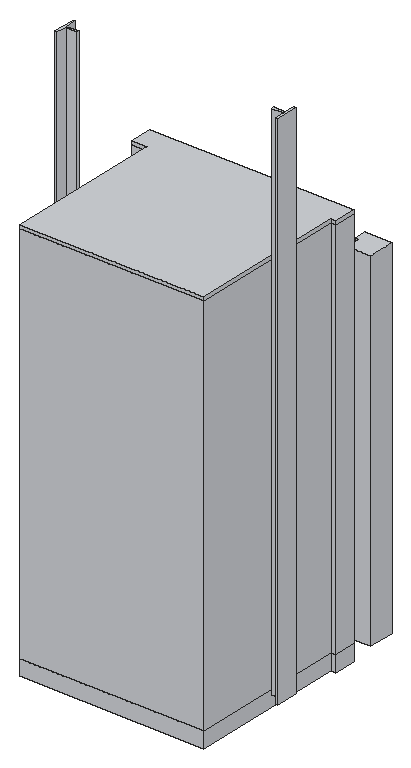
Revit family "M_Ascensor elétrico-Com base na parede para 4 pessoas", category Equipamento especial, Revit 2019
Family settings
  Hospedeiro = Parede
  Cota do conector redondo = Utilizar diâmetro
  Tipo de parte = Normal
  Número OmniClass = 23.50.05.14
  Título OmniClass = Lifts
  ID de item do Seek = Electric Lift-4 person wall based-0000-CAN-ENU
  Sempre na vertical = Sim
  Corte com vazios quando carregada = Não
  Compartilhado = Não
  Ponto de cálculo do ambiente = Não
Parameters (values of type "1000 x 880mm")
  Fabricante = "Revit"
  Material da porta = none
  Código de montagem = "D1010310"
Types (2, lengths in mm): name | Fabricante | Código de montagem
  Tipo 1 | 0 | 0
  1000 x 880mm | "Revit" | "D1010310"
Reference planes
  plane 1: y = 0
  plane 2 "Centro (Esquerda/Direita)": x = 125
  plane 3 "Parte posterior": y = 75
  plane 4: x = -505.007
  plane 5: x = 750
  plane 6: x = 600
Forms (mm)
  Extrusion 1, solid
    sketch origin (0, 0, 0) x (1, 0, 0) y (0, 1, 0)
      loop
        line (-505.007, 75) -> (-505.007, 14.479) -> (-114.979, 14.479) -> (-114.979, 75) -> (-505.007, 75)
      loop
        line (600, 75) -> (600, 5) -> (621.17, 5) -> (621.17, -75) -> (750, -75) -> (750, 75) -> (600, 75)
    from 0 to 2000
Lines and regions (mm)
  Opening 1
    outline origin (-5000, -75, 0) x (1, 0, 0) y (0, 0, 1)
      loop
        line (5750, 0) -> (5750, 2000) -> (4494.993, 2000) -> (4494.993, 0) -> (5750, 0)
  symbolic lines, detail levels medium+fine
    curve 1: line (-114.979, 75, 0) -> (600, 75, 0)
    curve 2: line (750, 75, 0) -> (600, 75, 0)
    curve 3: line (600, 5, 0) -> (621.17, 5, 0)
    curve 4: line (621.17, 5, 0) -> (621.17, -75, 0)
    curve 5: line (621.17, -75, 0) -> (750, -75, 0)
    curve 6: line (-505.007, 75, 0) -> (-114.979, 75, 0)
    curve 7: line (-114.979, 14.479, 0) -> (-135.755, 14.479, 0)
    curve 8: line (-135.755, 14.479, 0) -> (-135.755, 29.982, 0)
    curve 9: line (-135.755, 29.982, 0) -> (-505.007, 29.982, 0)
    curve 10: line (-114.979, 14.479, 0) -> (-114.979, 75, 0)
    curve 11: line (600, 5, 0) -> (600, 75, 0)
  symbolic lines, detail levels coarse
    curve 12: line (-505.007, 75, 0) -> (750, 75, 0)
Text (mm)
  text "Lado da colocação" at (-1864.261, 916.262, 0), in view "Nível de referência"
  text "Lado da colocação" at (0, 1605.175, 2923.955), in view "Esquerda"
  text "Lado da colocação" at (0, 595.982, 3004.978), in view "Direita"
Dimensions and locks
  locked: plane 3 "Parte posterior" to host wall at 0
  locked: nested 1 to curve 3 at 80
  locked: curve 7 to nested 1 at 89.479
  aligned and locked: plane 1 to host wall
  aligned and locked: Extrusion 1 to host wall
  aligned and locked: plane 3 "Parte posterior" to curve 1
  aligned and locked: Extrusion 1 to plane 3 "Parte posterior"  (x2)
  aligned: curve 12 to host wall
  aligned: curve 12 to Extrusion 1
Nested families
  nested 1: "Ascensor elétrico-4 pessoas_novo" at (125, -687.502, 0) x (-1, 0, 0) z (0, 0, 1), type "1000 x 880mm"
Definition of nested family "Ascensor elétrico-4 pessoas_novo"
  Parameters
    Largura do painel = 386 mm
    Altura do nível = 3000 mm
    Material da porta = none
  Reference planes
    plane 1 "Centro (Frente/Trás)": y = 0
    plane 2: z = 0
    plane 3 "Centro (Esquerda/Direita)": x = 0
    plane 4: z = 3000
    plane 5: y = -762.502
  Forms (mm)
    Extrusion 1, solid
      sketch origin (0, 0, 0) x (1, 0, 0) y (0, 1, 0)
        loop
          line (-525, 452.498) -> (-525, -452.502) -> (-556, -452.502) -> (-556, -582.502) -> (611.5, -582.502) -> (611.5, -452.502) -> (525, -452.502) -> (525, 452.498) -> (-525, 452.498)
        loop
          line (-500, 427.498) -> (-500, 115) -> (-485.245, 115) -> (-485.245, -115) -> (-500, -115) -> (-500, -452.502) -> (-475, -452.502) -> (-475, -494.818) -> (-496.17, -494.818) -> (-496.17, -578.543) -> (583.123, -578.543) -> (583.123, -490.502) -> (235.3, -490.502) -> (235.3, -452.502) -> (500, -452.502) -> (500, 427.498) -> (-500, 427.498)
      from 0 to 2200
    Extrusion 2, solid, detail levels medium+fine
      sketch origin (0, 0, 0) x (1, 0, 0) y (0, 1, 0)
        loop
          line (-638.027, 63.5) -> (-638.027, -63.5) -> (-625.027, -63.5) -> (-622.113, -6.196) -> (-557.027, -6.196) -> (-557.027, 6.3) -> (-622.027, 6.3) -> (-625.027, 63.5) -> (-638.027, 63.5)
        loop
          line (625.027, 63.5) -> (622.027, 6.3) -> (557.027, 6.3) -> (557.027, -6.196) -> (622.113, -6.196) -> (625.027, -63.5) -> (638.027, -63.5) -> (638.027, 63.5) -> (625.027, 63.5)
      from 0 to 3000
    Extrusion 3, void
      sketch origin (-556, -582.502, 2200) x (0, 0, 1) y (1, 0, 0)
        loop
          line (-2286.189, 59.83) -> (-200, 59.83) -> (-200, 854.444) -> (-2286.189, 854.444) -> (-2286.189, 59.83)
      from 0 to 87.684
    Extrusion 4, solid
      sketch origin (0, 0, -90) x (1, 0, 0) y (0, 1, 0)
        loop
          line (-525, 452.498) -> (-525, -452.502) -> (-556, -452.502) -> (-556, -582.502) -> (611.5, -582.502) -> (611.5, -452.502) -> (525, -452.502) -> (525, 452.498) -> (-525, 452.498)
      from 0 to 90
    Extrusion 5, solid, material <- "Material da porta"
      sketch origin (160, 0, 0) x (1, 0, 0) y (0, 1, 0)
        loop
          line (27.622, -496.512) -> (27.622, -538.112) -> (413.622, -538.112) -> (413.622, -496.512) -> (27.622, -496.512)
        loop
          line (-306.17, -543.502) -> (-306.17, -578.543) -> (79.83, -578.543) -> (79.83, -543.502) -> (-306.17, -543.502)
        loop
          line (67.622, -695.891) -> (453.622, -695.891) -> (453.622, -656.891) -> (67.622, -656.891) -> (67.622, -695.891)
        loop
          line (-296.17, -612.502) -> (-296.17, -651.502) -> (89.83, -651.502) -> (89.83, -612.502) -> (-296.17, -612.502)
      from 0 to 2000
    Extrusion 6, solid
      sketch origin (-525, 452.498, 2200) x (-1, 0, 0) y (0, -1, 0)
        loop
          line (0, 0) -> (0, 905) -> (31, 905) -> (31, 1035) -> (-1136.5, 1035) -> (-1136.5, 905) -> (-1050, 905) -> (-1050, 0) -> (0, 0)
      from 0 to 22
  Cuts and joins
    Extrusion 3 cuts Extrusion 1
    Extrusion 3 cuts Extrusion 2
  Lines and regions (mm)
    symbolic lines
      curve 1: line (370.2, 602.498, 0) -> (-399.8, 602.498, 0)
      curve 2: line (-399.8, 602.498, 0) -> (-399.8, 502.498, 0)
      curve 3: line (-399.8, 502.498, 0) -> (370.2, 502.498, 0)
      curve 4: line (370.2, 502.498, 0) -> (370.2, 602.498, 0)
    symbolic lines, detail levels fine
      curve 5: line (-468.299, 577.496, 0) -> (-468.299, 555.496, 0)
      curve 6: line (-468.299, 555.496, 0) -> (-424.799, 555.496, 0)
      curve 7: line (-424.799, 555.496, 0) -> (-424.799, 549.496, 0)
      curve 8: line (-424.799, 549.496, 0) -> (-468.299, 549.496, 0)
      curve 9: line (-468.299, 549.496, 0) -> (-468.299, 527.496, 0)
      curve 10: line (-468.299, 527.496, 0) -> (-474.299, 527.496, 0)
      curve 11: line (-474.299, 527.496, 0) -> (-474.299, 577.496, 0)
      curve 12: line (-474.299, 577.496, 0) -> (-468.299, 577.496, 0)
      curve 13: line (395.199, 549.496, 0) -> (438.699, 549.496, 0)
      curve 14: line (438.699, 549.496, 0) -> (438.699, 527.496, 0)
      curve 15: line (438.699, 527.496, 0) -> (444.699, 527.496, 0)
      curve 16: line (444.699, 527.496, 0) -> (444.699, 577.496, 0)
      curve 17: line (444.699, 577.496, 0) -> (438.699, 577.496, 0)
      curve 18: line (438.699, 577.496, 0) -> (438.699, 555.496, 0)
      curve 19: line (438.699, 555.496, 0) -> (395.199, 555.496, 0)
      curve 20: line (395.199, 555.496, 0) -> (395.199, 549.496, 0)
      curve 72: arc (31.514, 552.46, 0) -> (0.287, 583.687, 0) -> (-30.94, 552.46, 0) r 31.227
      curve 73: arc (-30.94, 552.46, 0) -> (0.287, 521.232, 0) -> (31.514, 552.46, 0) r 31.227
    symbolic lines, detail levels medium+fine
      curve 21: line (525, -452.502, 0) -> (525, 452.498, 0)
      curve 22: line (525, 452.498, 0) -> (-525, 452.498, 0)
      curve 23: line (-525, 452.498, 0) -> (-525, -452.502, 0)
      curve 24: line (500, -452.502, 0) -> (500, 427.498, 0)
      curve 25: line (500, 427.498, 0) -> (-500, 427.498, 0)
      curve 26: line (-500, 427.498, 0) -> (-500, 115, 0)
      curve 27: line (-485.245, 115, 0) -> (-525, 115, 0)
      curve 28: line (-525, -115, 0) -> (-485.245, -115, 0)
      curve 29: line (-485.245, -115, 0) -> (-485.245, 115, 0)
      curve 30: line (-500, -115, 0) -> (-500, -452.502, 0)
      curve 31: line (-496.17, -582.502, 0) -> (-496.17, -494.818, 0)
      curve 32: line (-496.17, -494.818, 0) -> (-475, -494.818, 0)
      curve 33: line (-475, -494.818, 0) -> (-475, -452.502, 0)
      curve 34: line (-475, -452.502, 0) -> (-556, -452.502, 0)
      curve 35: line (-556, -452.502, 0) -> (-556, -582.502, 0)
      curve 36: line (-496.17, -582.502, 0) -> (-110.17, -582.502, 0)
      curve 37: line (-110.17, -582.502, 0) -> (-110.17, -543.502, 0)
      curve 38: line (-110.17, -543.502, 0) -> (-496.17, -543.502, 0)
      curve 39: line (-132.378, -538.112, 0) -> (253.622, -538.112, 0)
      curve 40: line (253.622, -538.112, 0) -> (253.622, -496.512, 0)
      curve 41: line (253.622, -496.512, 0) -> (-132.378, -496.512, 0)
      curve 42: line (-132.378, -496.512, 0) -> (-132.378, -538.112, 0)
      curve 43: line (611.5, -582.502, 0) -> (-110.17, -582.502, 0)
      curve 44: line (298.444, -525.043, 0) -> (583.123, -525.043, 0)
      curve 45: line (583.123, -525.043, 0) -> (583.123, -493.043, 0)
      curve 46: line (583.123, -493.043, 0) -> (298.444, -493.043, 0)
      curve 47: line (298.444, -578.543, 0) -> (583.123, -578.543, 0)
      curve 48: line (583.123, -578.543, 0) -> (583.123, -537.543, 0)
      curve 49: line (583.123, -537.543, 0) -> (298.444, -537.543, 0)
      curve 50: line (675, -717.484, 0) -> (630.007, -717.484, 0)
      curve 51: line (630.007, -717.484, 0) -> (630.007, -612.502, 0)
      curve 52: line (630.007, -612.502, 0) -> (-110.17, -612.502, 0)
      curve 53: line (403.123, -625.543, 0) -> (625.123, -625.543, 0)
      curve 54: line (625.123, -625.543, 0) -> (625.123, -655.543, 0)
      curve 55: line (625.123, -655.543, 0) -> (403.123, -655.543, 0)
      curve 56: line (403.123, -671.043, 0) -> (625.123, -671.043, 0)
      curve 57: line (625.123, -671.043, 0) -> (625.123, -706.043, 0)
      curve 58: line (625.123, -706.043, 0) -> (403.123, -706.043, 0)
      curve 59: line (253.622, -695.891, 0) -> (-132.378, -695.891, 0)
      curve 60: line (-132.378, -695.891, 0) -> (-132.378, -656.891, 0)
      curve 61: line (-132.378, -656.891, 0) -> (253.622, -656.891, 0)
      curve 62: line (253.622, -656.891, 0) -> (253.622, -695.891, 0)
      curve 63: line (-496.17, -651.502, 0) -> (-110.17, -651.502, 0)
      curve 64: line (-110.17, -651.502, 0) -> (-110.17, -612.502, 0)
      curve 65: line (-110.17, -612.502, 0) -> (-496.17, -612.502, 0)
      curve 66: line (-496.17, -612.502, 0) -> (-496.17, -692.502, 0)
      curve 67: line (-496.17, -692.502, 0) -> (-496.17, -612.502, 0)
      curve 68: line (235.3, -452.502, 0) -> (611.5, -452.502, 0)
      curve 69: line (258.09, -490.502, 0) -> (235.3, -490.502, 0)
      curve 70: line (235.3, -490.502, 0) -> (235.3, -452.502, 0)
      curve 71: line (611.5, -452.502, 0) -> (611.5, -582.502, 0)
      curve 74: line (-525, 552.498, 0) -> (524.996, 552.498, 0)
      curve 75: line (-556, -582.502, 0) -> (-496.17, -582.502, 0)
      curve 76: line (675, 672.498, 0) -> (-675, 672.498, 0)
      curve 77: line (-675, 672.498, 0) -> (-675, -727.484, 0)
      curve 78: line (675, -717.484, 0) -> (675, 672.498, 0)
      curve 79: line (-675, -727.484, 0) -> (-625, -727.484, 0)
      curve 80: line (298.444, -525.043, 0) -> (298.444, -493.043, 0)
      curve 81: line (298.444, -537.543, 0) -> (298.444, -578.543, 0)
      curve 82: line (403.123, -625.543, 0) -> (403.123, -655.543, 0)
      curve 83: line (403.123, -671.043, 0) -> (403.123, -706.043, 0)
    symbolic lines, detail levels coarse
      curve 84: line (-525, 452.498, 0) -> (525, 452.498, 0)
      curve 85: line (525, 452.498, 0) -> (525, -582.502, 0)
      curve 86: line (525, -582.502, 0) -> (-525, -582.502, 0)
      curve 87: line (-525, 452.498, 0) -> (-525, -582.502, 0)
      curve 88: line (-525, -582.502, 0) -> (525, 452.498, 0)
      curve 89: line (-525, 452.498, 0) -> (525, -582.502, 0)
  Dimensions and locks
    locked: curve 23 to curve 26 at 25
    locked: curve 23 to curve 30 at 25
    locked: curve 24 to curve 21 at 25
    locked: curve 22 to curve 25 at 25
    locked: curve 27 to curve 28 at 230
    locked: curve 23 to curve 29 at 39.755
    locked: curve 26 to curve 24 at 1000
    equal spacing: curve 30, plane 3 "Centro (Esquerda/Direita)", curve 24
    "Largura do painel": curve 42 to curve 40
    locked: curve 41 to curve 39 at 41.6
    locked: curve 59 to curve 61 at 39
    locked: curve 38 to curve 36 at 39
    locked: curve 65 to curve 63 at 39
    locked: curve 35 to curve 33 at 81
    locked: curve 34 to curve 75 at 130
    locked: curve 32 to curve 34 at 42.316
    locked: curve 35 to curve 31 at 59.83
    "Largura do painel": curve 60 to curve 62
    "Largura do painel": curve 63 to curve 64
    "Largura do painel": curve 38 to curve 37
    locked: curve 3 to curve 22 at 50
    locked: curve 3 to curve 1 at 100
    locked: curve 2 to curve 4 at 770
    cut or joined group of Extrusion 1, Extrusion 3 to cut or joined group of Extrusion 1, Extrusion 3 = 2000 mm
    "Altura do nível": plane 4 to level
    aligned and locked: Extrusion 2 sketch curve to nested 1  (x8)
    aligned and locked: cut or joined group of Extrusion 2, Extrusion 3 to plane 4
    aligned and locked: cut or joined group of Extrusion 2, Extrusion 3 to level
  Automatic sketch dimensions
    Extrusion 1 sketch curve to plane 3 "Centro (Esquerda/Direita)" = 556 mm
    Extrusion 1 sketch curve to Extrusion 1 sketch curve = 31 mm
    Extrusion 1 sketch curve to Extrusion 1 sketch curve = 25 mm  (x3)
    Extrusion 1 sketch curve to Extrusion 1 sketch curve = 0 mm  (x2)
    Extrusion 1 sketch curve to Extrusion 1 sketch curve = 3.83 mm
    Extrusion 1 sketch curve to Extrusion 1 sketch curve = 14.755 mm
    Extrusion 1 sketch curve to Extrusion 1 sketch curve = 21.17 mm
    plane 3 "Centro (Esquerda/Direita)" to Extrusion 1 sketch curve = 235.3 mm
    plane 3 "Centro (Esquerda/Direita)" to Extrusion 1 sketch curve = 500 mm
    Extrusion 1 sketch curve to Extrusion 1 sketch curve = 58.123 mm
    Extrusion 1 sketch curve to Extrusion 1 sketch curve = 28.377 mm
    plane 1 "Centro (Frente/Trás)" to Extrusion 1 sketch curve = 582.502 mm
    Extrusion 1 sketch curve to Extrusion 1 sketch curve = 3.959 mm
    Extrusion 1 sketch curve to Extrusion 1 sketch curve = 83.725 mm
    Extrusion 1 sketch curve to Extrusion 1 sketch curve = 88.041 mm
    Extrusion 1 sketch curve to Extrusion 1 sketch curve = 42.316 mm
    Extrusion 1 sketch curve to Extrusion 1 sketch curve = 38 mm  (x2)
    plane 1 "Centro (Frente/Trás)" to Extrusion 1 sketch curve = 115 mm
    Extrusion 1 sketch curve to plane 1 "Centro (Frente/Trás)" = 115 mm
    Extrusion 1 sketch curve to plane 1 "Centro (Frente/Trás)" = 427.498 mm
    Extrusion 2 sketch curve to plane 1 "Centro (Frente/Trás)" = 6.3 mm
    Extrusion 2 sketch curve to plane 3 "Centro (Esquerda/Direita)" = 557.027 mm
    Extrusion 2 sketch curve to Extrusion 2 sketch curve = 65 mm
    plane 1 "Centro (Frente/Trás)" to Extrusion 2 sketch curve = 6.196 mm
    Extrusion 2 sketch curve to Extrusion 2 sketch curve = 0.086 mm
    Extrusion 2 sketch curve to Extrusion 2 sketch curve = 3 mm
    Extrusion 2 sketch curve to Extrusion 2 sketch curve = 2.914 mm
    Extrusion 2 sketch curve to Extrusion 2 sketch curve = 13 mm
    Extrusion 2 sketch curve to Extrusion 2 sketch curve = 57.304 mm
    Extrusion 2 sketch curve to Extrusion 2 sketch curve = 57.2 mm
    Extrusion 3 sketch curve to level = 86.189 mm
    Extrusion 3 sketch curve to plane 3 "Centro (Esquerda/Direita)" = 496.17 mm
    level to Extrusion 3 sketch curve = 2000 mm
    plane 3 "Centro (Esquerda/Direita)" to Extrusion 3 sketch curve = 298.444 mm
    Extrusion 4 sketch curve to plane 3 "Centro (Esquerda/Direita)" = 556 mm
    Extrusion 4 sketch curve to Extrusion 4 sketch curve = 31 mm
    plane 3 "Centro (Esquerda/Direita)" to Extrusion 4 sketch curve = 525 mm
    Extrusion 4 sketch curve to Extrusion 4 sketch curve = 86.5 mm
    plane 1 "Centro (Frente/Trás)" to Extrusion 4 sketch curve = 582.502 mm
    Extrusion 4 sketch curve to Extrusion 4 sketch curve = 130 mm  (x2)
    Extrusion 4 sketch curve to plane 1 "Centro (Frente/Trás)" = 452.498 mm
    plane 3 "Centro (Esquerda/Direita)" to Extrusion 6 sketch curve = 611.5 mm
    Extrusion 6 sketch curve to Extrusion 6 sketch curve = 86.5 mm
    Extrusion 6 sketch curve to plane 3 "Centro (Esquerda/Direita)" = 525 mm
    Extrusion 6 sketch curve to Extrusion 6 sketch curve = 31 mm
    Extrusion 6 sketch curve to plane 1 "Centro (Frente/Trás)" = 452.498 mm
    plane 1 "Centro (Frente/Trás)" to Extrusion 6 sketch curve = 452.502 mm  (x2)
    Extrusion 6 sketch curve to Extrusion 6 sketch curve = 130 mm
    Extrusion 5 sketch curve to plane 3 "Centro (Esquerda/Direita)" = 146.17 mm
    Extrusion 5 sketch curve to Extrusion 5 sketch curve = 10 mm
    plane 3 "Centro (Esquerda/Direita)" to Extrusion 5 sketch curve = 187.622 mm
    Extrusion 5 sketch curve to Extrusion 5 sketch curve = 40 mm  (x2)
    Extrusion 5 sketch curve to Extrusion 5 sketch curve = 52.208 mm
    Extrusion 5 sketch curve to Extrusion 5 sketch curve = 22.208 mm
    Extrusion 5 sketch curve to Extrusion 5 sketch curve = 333.792 mm
    plane 1 "Centro (Frente/Trás)" to Extrusion 5 sketch curve = 695.891 mm
    Extrusion 5 sketch curve to Extrusion 5 sketch curve = 39 mm  (x2)
    Extrusion 5 sketch curve to Extrusion 5 sketch curve = 5.389 mm
    Extrusion 5 sketch curve to Extrusion 5 sketch curve = 33.959 mm
    Extrusion 5 sketch curve to Extrusion 5 sketch curve = 35.041 mm
    Extrusion 5 sketch curve to Extrusion 5 sketch curve = 118.779 mm
    Extrusion 5 sketch curve to Extrusion 5 sketch curve = 41.6 mm
    curve 74 to curve 22 = 0 mm
    curve 35 to curve 23 = 31 mm
    curve 77 to curve 79 = 50 mm
    curve 74 to curve 10 = 50.701 mm
    curve 10 to curve 9 = 6 mm
    curve 6 to curve 8 = 0 mm
    curve 5 to curve 7 = 43.5 mm
    curve 7 to curve 2 = 24.999 mm
    curve 60 to curve 63 = 22.208 mm
    curve 42 to curve 37 = 22.208 mm
    curve 73 to plane 3 "Centro (Esquerda/Direita)" = 30.94 mm
    plane 3 "Centro (Esquerda/Direita)" to curve 72 = 0.287 mm
    curve 70 to curve 40 = 18.322 mm
    curve 40 to curve 69 = 4.468 mm
    curve 69 to curve 80 = 40.354 mm
    curve 81 to curve 44 = 0 mm
    curve 3 to curve 13 = 24.999 mm
    curve 82 to curve 56 = 0 mm
    curve 19 to curve 19 = 43.5 mm
    curve 15 to curve 18 = 0 mm
    curve 17 to curve 16 = 6 mm
    curve 16 to curve 74 = 80.297 mm
    curve 86 to curve 49 = 58.123 mm
    curve 44 to curve 48 = 0 mm
    curve 45 to curve 71 = 28.377 mm
    curve 43 to curve 57 = 13.623 mm
    curve 55 to curve 56 = 0 mm
    curve 50 to curve 50 = 44.993 mm
    curve 79 to plane 5 = 35.018 mm
    curve 78 to curve 51 = 0 mm
    curve 50 to curve 57 = 11.441 mm
    curve 67 to plane 5 = 70 mm
    curve 57 to curve 57 = 35 mm
    curve 56 to curve 54 = 15.5 mm
    curve 60 to curve 64 = 5.389 mm
    curve 53 to curve 51 = 13.041 mm
    curve 52 to curve 36 = 30 mm
    curve 86 to curve 85 = 0 mm
    curve 43 to curve 47 = 3.959 mm
    curve 37 to curve 39 = 5.389 mm
    curve 47 to curve 49 = 41 mm
    curve 49 to curve 80 = 12.5 mm
    curve 44 to curve 80 = 32 mm
    curve 40 to curve 70 = 6.011 mm
    curve 45 to curve 21 = 40.541 mm
    plane 1 "Centro (Frente/Trás)" to curve 28 = 115 mm
    curve 26 to curve 25 = 312.498 mm
    curve 3 to curve 15 = 24.998 mm
    curve 2 to curve 9 = 24.998 mm
    curve 9 to curve 8 = 22 mm
    curve 14 to curve 13 = 22 mm
    curve 3 to curve 73 = 49.961 mm
    curve 10 to curve 74 = 25.002 mm
    curve 13 to curve 20 = 6 mm
    curve 7 to curve 7 = 6 mm
    curve 18 to curve 18 = 22 mm
    curve 5 to curve 11 = 22 mm
    curve 74 to curve 78 = 120 mm
    curve 53 to curve 51 = 4.884 mm
    curve 78 to plane 5 = 45.018 mm
    curve 79 to curve 66 = 128.83 mm
    curve 79 to curve 35 = 69 mm
    curve 59 to plane 5 = 66.611 mm
    curve 47 to curve 53 = 104.679 mm
  Nested families
    nested 1: "Conexão vertical" at (638.027, 0, 0), type "Conexão vertical", detail levels medium+fine
    nested 2: "Conexão vertical" at (-638.027, 0, 0) x (-1, 0, 0) z (0, 0, 1), type "Conexão vertical", detail levels medium+fine
  Definition of nested family "Conexão vertical"
    Reference planes
      plane 1 "Centro (Frente/Trás)": y = 0
      plane 2: z = 0
      plane 3 "Centro (Esquerda/Direita)": x = 0
    Lines and regions (mm)
      detail lines, in view "Nível de referência"
        curve 1: line (-81, -6.196, 0) -> (-15.914, -6.196, 0)
        curve 2: line (-15.914, -6.196, 0) -> (-13, -63.5, 0)
        curve 3: line (-13, -63.5, 0) -> (0, -63.5, 0)
        curve 4: line (0, -63.5, 0) -> (0, 63.5, 0)
        curve 5: line (0, 63.5, 0) -> (-13, 63.5, 0)
        curve 6: line (-13, 63.5, 0) -> (-16, 6.3, 0)
        curve 7: line (-16, 6.3, 0) -> (-81, 6.3, 0)
        curve 8: line (-81, 6.3, 0) -> (-81, -6.196, 0)
